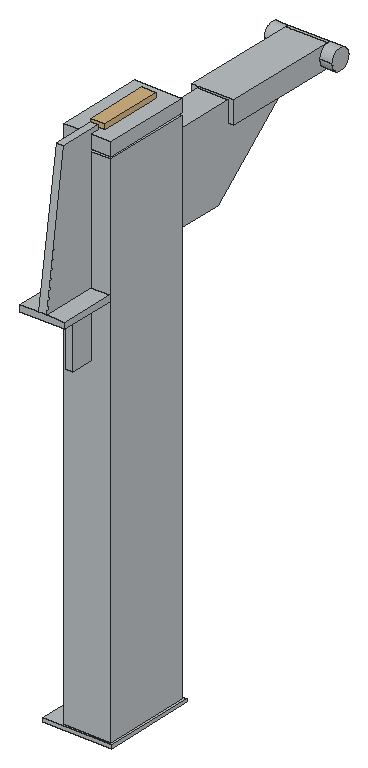
Revit family "Safety_Truck-Restraint_Nova-Tech_TruckLock350-Cast", category Generic Models, host Face, Revit 2017
Family settings
  Host = Face
  Can host rebar = No
  Round Connector Dimension = Use Diameter
  Part Type = Normal
  OmniClass Number = 23.50.70.27
  OmniClass Title = Truck Restraints
  Cut with Voids When Loaded = No
  Shared = No
  Room Calculation Point = No
Parameters
  nonconcretevoid [instance] = if(Concrete Drive Install, 4' 0", 0' 0")  # 4' - 0"
  concretevoid [instance] = if(Concrete Drive Install, 0' 0", 4' 0")  # 0' - 0"
  Warranty Duration (Years) = 0
  Unit Width = 1' - 3 59/64"
  Unit Height = 0' - 10"
  Unit Depth = 2' - 1 5/128"
  URL = "http://www.novalocks.com/"
  Test Data = ""
  Specification = "http://arcat.com/arcatcos/cos43/arc43493.html?isac=1&r=2"
  SpecWizard = ""
  Send Message = "http://www.arcat.com/users.pl?action=UserEmail&company=Nova+Technology&coid=43493&rep=132&fax=262-502-1511&mf="
  Sales Information = "http://www.novalocks.com/general-contact-info/"
  Revision = "R1_4_2013"
  Restraint [instance] = Metal - Nova - Yellow
  Product Properties = ""
  Product Data = "http://arcat.com/arcatcos/cos43/arc43493.html?isac=1&r=2"
  NonConcrete Drive Install [instance] = not(Concrete Drive Install)  # no
  Model = "As Specified"
  Manufacturer Website = "http://www.novalocks.com/"
  Manufacturer Phone - Toll Free = "800-236-7325"
  Manufacturer Phone = "262-502-1591"
  Manufacturer Fax = "262-502-1511"
  Manufacturer Address = "N90 W14507 Commerce Dr. Menomonee Falls, WI 53051"
  Manufacturer = "Nova Technology"
  Maintenance Schedule (Months) = 0
  Keynote = "11160"
  Installation-Fabrication = ""
  Installation Phase = ""
  Green Building-LEED = ""
  Fixture Material = Metal - Nova - Zinc Coated Steel
  Expected Lifespan (Years) = 0
  Drawn By = "Sumex Design, Inc. / Robert S. Weygant, CSI, CDT, SCIP"
  Dock Bumper Thickness [instance] = 0' - 4"
  Description = "Nova Technology Dock Product as Specified"
  Default Elevation = 4' - 0"
  Core Depth = 2' - 6"
  Copyright = "©Arcat Inc."
  Construction Details = ""
  Concrete Drive Thickness [instance] = 0' - 5 213/256"
  Concrete Drive Install [instance] = yes
  Building Codes = ""
  Assembly Code = "E1030300"
Reference planes (in)
  plane 1 "Center (Front/Back)": y = 10.76898
  plane 2: z = 0
  plane 3 "Center (Left/Right)": x = 0
  plane 4: y = 8.44898
  plane 5: y = 12.76898
  plane 6 "Dock Bumper Face": y = 22.76898
  plane 7 "Dock Wall": y = 26.76898
  plane 8: z = -30
  plane 9: z = 0
  plane 10: z = 48
  plane 11: z = 18
  plane 12: z = 30
Forms (in)
  Extrusion 1, void
    sketch origin (0, 0, 0) x (1, 0, 0) y (0, 1, 0)
      loop
        circle (0, 10.76898) r 5
    from 0 to -30
  Extrusion 2, solid, material "Metal - Nova - Zinc Coated Steel" <- "Fixture Material"
    sketch origin (0, 2.55, 0) x (0, 1, 0) y (0, 0, 1)
      loop
        line (1.27398, 0.39844) -> (5.64898, 0.39844) -> (5.64898, 9.99844) -> (2.77398, 9.99844) -> (1.27398, 0.39844)
      loop
        line (5.02398, 0) -> (3.52398, 0) -> (3.52398, -4) -> (5.02398, -4) -> (5.02398, 0)
    from 0.25 to -0.25
  Extrusion 3, solid, material "Metal - Nova - Yellow" <- "Restraint"
    sketch origin (0, 2.55, 0) x (0, 1, 0) y (0, 0, 1)
      loop
        line (5.89898, 9.99844) -> (5.89898, -26.63156) -> (10.21898, -26.63156) -> (10.21898, 9.99844) -> (5.89898, 9.99844)
    from -0.48047 to 0.48047
  Extrusion 4, solid, material "Metal - Nova - Zinc Coated Steel" <- "Fixture Material"
    sketch origin (0, 0, 0) x (0, 1, 0) y (0, 0, 1)
      loop
        line (7.57398, -26.63156) -> (13.57398, -26.63156) -> (13.57398, 8.64844) -> (7.57398, 8.64844) -> (7.57398, -26.63156)
    from 1.60156 to -1.60156
  Extrusion 5, solid, material "Metal - Nova - Zinc Coated Steel" <- "Fixture Material"
    sketch origin (0, 0, 0) x (1, 0, 0) y (0, 1, 0)
      loop
        line (-1.60156, 13.57398) -> (-1.60156, 7.57398) -> (1.60156, 7.57398) -> (1.60156, 13.57398) -> (-1.60156, 13.57398)
    from 8.81543 to 9.69043
  Extrusion 6, solid, material "Metal - Nova - Zinc Coated Steel" <- "Fixture Material"
    sketch origin (0, 0, 0) x (0, 1, 0) y (0, 0, 1)
      loop
        line (13.57398, 1.36844) -> (17.32398, 1.36844) -> (24.61398, 7.36844) -> (13.57398, 7.36844) -> (13.57398, 1.36844)
    from -1 to 1
  Extrusion 7, solid, material "Metal - Nova - Zinc Coated Steel" <- "Fixture Material"
    sketch origin (0, 0, 3.415) x (0, 1, 0) y (0, 0, 1)
      loop
        circle (26.08148, 3.39094) r 0.6875
    from -2.28125 to 2.28125
  Extrusion 8, solid, material "Metal - Nova - Zinc Coated Steel" <- "Fixture Material"
    sketch origin (0, 0, 3.415) x (0, 1, 0) y (0, 0, 1)
      loop
        line (26.08148, 4.07844) -> (18.19898, 4.07844) -> (18.19898, 2.57844) -> (25.83148, 2.57844) -> (25.83148, 3.89483)
        arc (25.83148, 3.89483) -> (26.18793, 3.94327) -> (26.50085, 3.76582) r 0.5625
        line (26.50085, 3.76582) -> (26.50085, 3.06085) -> (26.62585, 3.06085) -> (26.62585, 3.81085)
        arc (26.62585, 3.81085) -> (26.38477, 4.00792) -> (26.08148, 4.07844) r 0.6875
    from -1.40632 to 1.40625
  Extrusion 9, solid, material "Metal - Nova - Zinc Coated Steel" <- "Fixture Material"
    sketch origin (0, 0, 0) x (0, 1, 0) y (0, 0, 1)
      loop
        line (7.57398, 0.39844) -> (3.82398, 0.39844) -> (3.82398, 0) -> (7.57398, 0) -> (7.57398, 0.39844)
    from -1.51953 to 1.51953
  Extrusion 10, solid, material "Metal - Nova - Zinc Coated Steel" <- "Fixture Material"
    sketch origin (0, 0, 0) x (0, 1, 0) y (0, 0, 1)
      loop
        line (13.76148, -26.63156) -> (7.38648, -26.63156) -> (7.38648, -26.81906) -> (13.76148, -26.81906) -> (13.76148, -26.63156)
    from -2.85156 to 1.78906
  Extrusion 11, void
    sketch origin (0, 0, 0) x (0, 1, 0) y (0, 0, 1)
      loop
        line (2.16448, -5.83203) -> (5.76898, -19.84205) -> (5.76898, -30) -> (15.76898, -30) -> (15.76898, -28.33263) -> (26.76898, -26.39304) -> (26.76898, -5.83203) -> (2.16448, -5.83203)
    from 5 to -5
  Extrusion 12, void
    sketch origin (29, 31.3103, 48) x (1, 0, 0) y (0, -1, 0)
      loop
        line (-17, 4.54131) -> (-17, 40.54131) -> (-41, 40.54131) -> (-41, 4.54131) -> (-17, 4.54131)
    from 0 to 10
  Extrusion 13, void
    sketch origin (0, 0, 0) x (1, 0, 0) y (0, 1, 0)
      loop
        line (-5, 26.76898) -> (-5, 10.76898)
        arc (-5, 10.76898) -> (0, 5.76898) -> (5, 10.76898) r 5
        line (5, 10.76898) -> (5, 26.76898) -> (-5, 26.76898)
    from 30 to 48
Cuts and joins
  Extrusion 11 cuts Extrusion 5
  Extrusion 11 cuts Extrusion 6
  Extrusion 11 cuts Extrusion 7
  Extrusion 11 cuts Extrusion 8
  Extrusion 11 cuts Extrusion 9
  joined: Extrusion 2, Extrusion 4, Extrusion 5, Extrusion 6, Extrusion 7, Extrusion 8, Extrusion 9, Extrusion 10
Dimensions and locks (in)
  locked: plane 6 "Dock Bumper Face" to plane 1 "Center (Front/Back)" at 12
  locked: plane 6 "Dock Bumper Face" to plane 5 at 10
  locked: plane 5 to plane 4 at 4.32
  "Dock Bumper Thickness": plane 7 "Dock Wall" to plane 6 "Dock Bumper Face"
  "Core Depth": level to plane 8
  Extrusion 4 sketch curve to plane 1 "Center (Front/Back)" to Extrusion 4 sketch curve = 0' - 3.195" locked, 0' - 2.805" locked
  locked: Extrusion 7 sketch curve to plane 7 "Dock Wall" at 0.6875
  Extrusion 8 sketch curve to Extrusion 8 sketch curve to Extrusion 8 sketch curve to plane 7 "Dock Wall" = 0' - 0.66936" locked, 0' - 0 1/8" locked, 0' - 0.14314" locked
  Extrusion 8 sketch curve to Extrusion 8 sketch curve = 0' - 7.6325"
  "concretevoid": plane 9 to level
  "Concrete Drive Thickness": plane 9 to Extrusion 11 sketch curve
  plane 9 to Extrusion 11 sketch curve to Extrusion 11 sketch curve = 2' - 2.39304", 0' - 1.9396" locked
  locked: plane 9 to Extrusion 11 sketch curve at 19.84205
  "Core Depth": plane 9 to Extrusion 11 sketch curve
  "nonconcretevoid": plane 10 to level
  locked: plane 6 "Dock Bumper Face" to Extrusion 13 sketch curve at 12
  "Core Depth": plane 10 to plane 11
  plane 10 to plane 12 = 1' - 6"
  aligned and locked: plane 2 to host face
  aligned and locked: level to host face
  aligned and locked: Extrusion 1 to plane 8
  aligned and locked: level to Extrusion 1
  aligned and locked: Extrusion 11 sketch curve to plane 7 "Dock Wall"
  aligned and locked: Extrusion 13 sketch curve to plane 7 "Dock Wall"
  aligned and locked: plane 10 to Extrusion 13
  aligned and locked: Extrusion 13 to plane 12
Automatic sketch dimensions
  host sketch curve to host sketch curve = 8' - 0"  (x2)
  Extrusion 1 sketch curve to plane 1 "Center (Front/Back)" = 0' - 0"
  Extrusion 1 sketch curve to plane 3 "Center (Left/Right)" = 0' - 0"
  Extrusion 2 sketch curve to level = 0' - 0"
  level to Extrusion 2 sketch curve = 0' - 0 51/128"
  Extrusion 2 sketch curve to plane 4 = 0' - 4 5/8"
  Extrusion 2 sketch curve to plane 4 = 0' - 3 1/8"
  Extrusion 2 sketch curve to plane 4 = 0' - 2 3/8"
  Extrusion 2 sketch curve to plane 4 = 0' - 0 7/8"
  Extrusion 2 sketch curve to plane 4 = 0' - 0 1/4"
  Extrusion 2 sketch curve to level = 0' - 4"
  Extrusion 3 sketch curve to plane 4 = 0' - 0"
  Extrusion 3 sketch curve to plane 5 = 0' - 0"
  plane 8 to Extrusion 3 sketch curve = 0' - 3.36844"
  plane 8 to Extrusion 4 sketch curve = 0' - 3.36844"
  Extrusion 5 sketch curve to plane 3 "Center (Left/Right)" = 0' - 1 77/128"
  plane 3 "Center (Left/Right)" to Extrusion 5 sketch curve = 0' - 1 77/128"
  Extrusion 5 sketch curve to plane 4 = 0' - 0 7/8"
  plane 5 to Extrusion 5 sketch curve = 0' - 0.805"
  plane 5 to Extrusion 6 sketch curve = 0' - 0.805"
  level to Extrusion 6 sketch curve = 0' - 1.36844"
  Extrusion 6 sketch curve to Extrusion 6 sketch curve = 0' - 3 3/4"
  plane 6 "Dock Bumper Face" to Extrusion 6 sketch curve = 0' - 1.845"
  Extrusion 8 sketch curve to Extrusion 8 sketch curve = 0' - 0"  (x2)
  Extrusion 8 sketch curve to Extrusion 8 sketch curve = 0' - 0.41936"
  level to Extrusion 8 sketch curve = 0' - 5.99344"
  Extrusion 8 sketch curve to Extrusion 8 sketch curve = 0' - 0.48241"
  Extrusion 8 sketch curve to Extrusion 8 sketch curve = 0' - 0.33009"
  Extrusion 8 sketch curve to Extrusion 8 sketch curve = 0' - 0.37489"
  Extrusion 8 sketch curve to Extrusion 8 sketch curve = 0' - 0.04502"
  Extrusion 9 sketch curve to level = 0' - 0"
  level to Extrusion 9 sketch curve = 0' - 0 51/128"
  Extrusion 9 sketch curve to plane 4 = 0' - 4 5/8"
  Extrusion 9 sketch curve to plane 4 = 0' - 0 7/8"
  Extrusion 10 sketch curve to plane 4 = 0' - 1 1/16"
  plane 5 to Extrusion 10 sketch curve = 0' - 0.9925"
  plane 8 to Extrusion 10 sketch curve = 0' - 3.18094"
  Extrusion 10 sketch curve to Extrusion 10 sketch curve = 0' - 0 3/16"
  plane 5 to Extrusion 11 sketch curve = 0' - 3"
  Extrusion 11 sketch curve to plane 4 = 0' - 2.68"
  Extrusion 11 sketch curve to plane 4 = 0' - 6.2845"
  Extrusion 12 sketch curve to plane 7 "Dock Wall" = 0' - 0"
  Extrusion 12 sketch curve to plane 3 "Center (Left/Right)" = 1' - 0"
  Extrusion 12 sketch curve to Extrusion 12 sketch curve = 2' - 0"
  Extrusion 12 sketch curve to plane 4 = 1' - 5.68"
  Extrusion 13 sketch curve to plane 3 "Center (Left/Right)" = 0' - 0"
  Extrusion 13 sketch curve to Extrusion 13 sketch curve = 0' - 5"
  Extrusion 2 sketch curve to plane 11 = 0' - 8.00156"
  Extrusion 3 sketch curve to plane 11 = 0' - 8.00156"
  level to Extrusion 4 sketch curve = 0' - 8 83/128"
  level to Extrusion 6 sketch curve = 0' - 7.36844"
  level to Extrusion 7 sketch curve = 0' - 6.80594"
  radius of Extrusion 1 sketch curve = 0' - 5"
  radius of Extrusion 7 sketch curve = 0' - 0 11/16"
